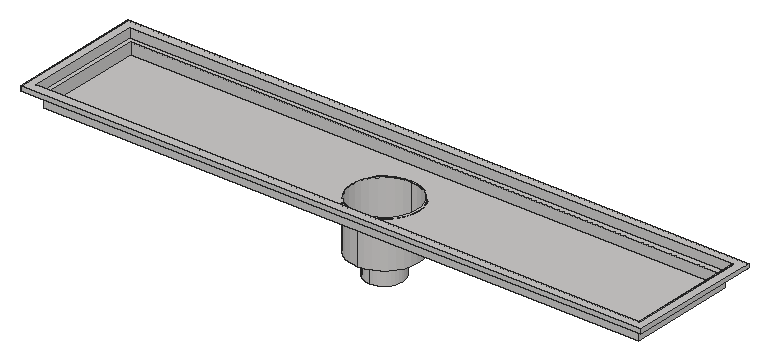
Revit family "QF_ZANUSSI_328064_FDB40185", category Attrezzature speciali, Revit 2020
Family settings
  Quota connettore circolare = Usa diametro
  Tipo di parte = Normale
  Basato su piano di lavoro = No
  Sempre verticale = Sì
  Taglio con vuoti quando caricato = No
  Condiviso = No
  Punto di calcolo locali = No
Parameters (values of type "Standard")
  Weight = 66.1387 lbm
  Watts = 0 W
  Volts = 0 V
  URL Manufacturer = "http://www.zanussiprofessional.com"
  URL = "http://www.zanussiprofessional.com"
  Steam Supply Size = 0"
  Steam Supply Minimum Pressure = 0.00 psi
  Steam Supply Maximum Pressure = 0.00 psi
  Steam Consumption per Hour = 0
  Refrigeration Suction Line Size = 0 mm
  Refrigeration Liquid Line Size = 0 mm
  Refrigerant Compressor Remote = yes
  Prospetto di default = 0 mm
  Phase = 0
  Modello = "FDB40185"
  Produttore = "Zanussi"
  Length Actual = 1850 mm  # constant formula
  Item Number = "328064"
  Hot Water Size = 0"
  Height Actual = 265 mm  # constant formula
  HP = "0 HP"
  Gas Size = 0"
  Gas KW = 0
  Gas Input Pressure = 0.0 Btu/h
  Direct Waste Size = 3.93701"
  Descrizione = "FLR.DRAIN+GRATE+C.SIPH-VERT.OUT.400X1850"
  Depth Actual = 400 mm  # constant formula
  Cycle = 0 Hz
  Condensate Return Size = 0"
  Compressed Air Volume = 0 GPM
  Compressed Air Size = 0"
  Compressed Air Pressure = 0.00 psi
  Cold Water Size = 0"
  Assembly Code = ""
  Accessory = yes
Reference planes
  plane 1: z = 0
  plane 2 "Center (Front/Back)": y = -102.225
  plane 3 "Center (Left/Right)": x = 9.791
  plane 4 "TOP": z = -265
  plane 5 "Back": y = 97.775
  plane 6 "Front": y = -302.225
  plane 7: x = -140.209
  plane 8: x = 159.791
  plane 9 "Right": x = 934.791
  plane 10 "Left": x = -915.209
  plane 11: x = 909.791
Forms (mm)
  Revolve 1, solid, material "QF_Metal-Stainless-Polished"
    sketch origin (9.791, 0, 0) x (0, 1, 0) y (0, 0, 1)
      loop
        line (-2.225, -62) -> (0.775, -62) -> (0.775, -60) -> (-4.225, -60) -> (-4.225, -198) -> (-49.225, -198) -> (-49.225, -265) -> (-47.225, -265) -> (-47.225, -200) -> (-2.225, -200) -> (-2.225, -62)
      axis (-102.225, -265) -> (-102.225, -60)
    angle from 0 to 360
  Sweep 2, solid, material "QF_Finishes_Stainless Steel"
    path origin (0, 0, 0) x (1, 0, 0) y (0, 1, 0)
      loop
        line (-915.209, 97.775) -> (-915.209, -302.225) -> (934.791, -302.225) -> (934.791, 97.775) -> (-915.209, 97.775)
    profile origin (9.791, 97.775, 0) x (0, 1, 0) y (0, 0, 1)
      loop
        line (0, -11.945) -> (0, 1) -> (-26, 1) -> (-26, -25) -> (-40, -25) -> (-40, -59) -> (-50, -59) -> (-50, -60) -> (-39, -60) -> (-39, -26) -> (-25, -26) -> (-25, 0.055) -> (-1, 0.055) -> (-1, -11.945) -> (0, -11.945)
  Extrusion 3, solid, material "QF_Finishes_Stainless Steel"
    sketch origin (0, 0, 0) x (1, 0, 0) y (0, 1, 0)
      loop
        line (-865.209, 47.775) -> (-865.209, -252.225) -> (884.791, -252.225) -> (884.791, 47.775) -> (-865.209, 47.775)
      loop
        circle (9.791, -102.225) r 98
    from -59 to -60
Cuts and joins
  joined: Sweep 2, Extrusion 3
Lines and regions (mm)
  symbolic lines
    curve 1: line (-915.209, 97.775, 0) -> (934.791, 97.775, 0)
    curve 2: line (-915.209, -302.225, 0) -> (-915.209, 97.775, 0)
    curve 3: line (934.791, -302.225, 0) -> (-915.209, -302.225, 0)
    curve 4: line (934.791, 97.775, 0) -> (934.791, -302.225, 0)
    curve 5: circle (9.791, -102.225, 0) r 115 normal (0, 0, 1)
    curve 18: circle (9.791, -102.225, 0) r 115 normal (0, 0, -1)
    curve 24: circle (9.791, -102.225, 0) r 53 normal (0, 0, 1)
    curve 70: line (-890.209, 72.775, 0) -> (-890.209, -277.225, 0)
    curve 71: line (909.791, 72.775, 0) -> (-890.209, 72.775, 0)
    curve 72: line (-890.209, -277.225, 0) -> (909.791, -277.225, 0)
    curve 73: line (459.791, -277.225, 0) -> (459.791, 72.775, 0)
    curve 74: line (909.791, 72.775, 0) -> (909.791, -277.225, 0)
    curve 112: line (739.791, -277.225, 0) -> (739.791, 72.775, 0)
  model lines
    curve 6: line (-100.209, 71.775, 0) -> (-100.209, -276.225, 0)
    curve 7: line (-80.209, 71.775, 0) -> (-80.209, -276.225, 0)
    curve 8: line (-60.209, 71.775, 0) -> (-60.209, -276.225, 0)
    curve 9: line (-40.209, 71.775, 0) -> (-40.209, -276.225, 0)
    curve 10: line (-20.209, 71.775, 0) -> (-20.209, -276.225, 0)
    curve 11: line (-0.209, 71.775, 0) -> (-0.209, -276.225, 0)
    curve 12: line (19.791, 71.775, 0) -> (19.791, -276.225, 0)
    curve 13: line (39.791, 71.775, 0) -> (39.791, -276.225, 0)
    curve 14: line (59.791, 71.775, 0) -> (59.791, -276.225, 0)
    curve 15: line (79.791, 71.775, 0) -> (79.791, -276.225, 0)
    curve 16: line (99.791, 71.775, 0) -> (99.791, -276.225, 0)
    curve 17: line (119.791, 71.775, 0) -> (119.791, -276.225, 0)
    curve 19: line (-890.209, -22.225, 0) -> (909.791, -22.225, 0)
    curve 20: line (-890.209, -42.225, 0) -> (909.791, -42.225, 0)
    curve 21: line (-890.209, -62.225, 0) -> (909.791, -62.225, 0)
    curve 22: line (-890.209, -102.225, 0) -> (909.791, -102.225, 0)
    curve 23: line (-890.209, -122.225, 0) -> (909.791, -122.225, 0)
    curve 25: line (-890.209, 37.775, 0) -> (909.791, 37.775, 0)
    curve 26: line (-890.209, 17.775, 0) -> (909.791, 17.775, 0)
    curve 27: line (-890.209, -2.225, 0) -> (909.791, -2.225, 0)
    curve 28: line (-890.209, -202.225, 0) -> (909.791, -202.225, 0)
    curve 29: line (-890.209, -182.225, 0) -> (909.791, -182.225, 0)
    curve 30: line (-890.209, -162.225, 0) -> (909.791, -162.225, 0)
    curve 31: line (-890.209, -142.225, 0) -> (909.791, -142.225, 0)
    curve 32: line (-890.209, -262.225, 0) -> (909.791, -262.225, 0)
    curve 33: line (-890.209, -242.225, 0) -> (909.791, -242.225, 0)
    curve 34: line (-890.209, -222.225, 0) -> (909.791, -222.225, 0)
    curve 35: line (-890.209, 57.775, 0) -> (909.791, 57.775, 0)
    curve 36: line (139.791, 71.775, 0) -> (139.791, -276.225, 0)
    curve 37: line (159.791, 71.775, 0) -> (159.791, -276.225, 0)
    curve 38: line (179.791, 71.775, 0) -> (179.791, -276.225, 0)
    curve 39: line (199.791, 71.775, 0) -> (199.791, -276.225, 0)
    curve 40: line (219.791, 71.775, 0) -> (219.791, -276.225, 0)
    curve 41: line (239.791, 71.775, 0) -> (239.791, -276.225, 0)
    curve 42: line (259.791, 71.775, 0) -> (259.791, -276.225, 0)
    curve 43: line (279.791, 71.775, 0) -> (279.791, -276.225, 0)
    curve 44: line (299.791, 71.775, 0) -> (299.791, -276.225, 0)
    curve 45: line (319.791, 71.775, 0) -> (319.791, -276.225, 0)
    curve 46: line (339.791, 71.775, 0) -> (339.791, -276.225, 0)
    curve 47: line (359.791, 71.775, 0) -> (359.791, -276.225, 0)
    curve 48: line (379.791, 71.775, 0) -> (379.791, -276.225, 0)
    curve 49: line (399.791, 71.775, 0) -> (399.791, -276.225, 0)
    curve 50: line (419.791, 71.775, 0) -> (419.791, -276.225, 0)
    curve 51: line (439.791, 71.775, 0) -> (439.791, -276.225, 0)
    curve 52: line (459.791, 72.775, 0) -> (459.791, -277.225, 0)
    curve 53: line (-890.209, -82.225, 0) -> (909.791, -82.225, 0)
    curve 54: line (-360.209, 71.775, 0) -> (-360.209, -276.225, 0)
    curve 55: line (-340.209, 71.775, 0) -> (-340.209, -276.225, 0)
    curve 56: line (-320.209, 71.775, 0) -> (-320.209, -276.225, 0)
    curve 57: line (-300.209, 71.775, 0) -> (-300.209, -276.225, 0)
    curve 58: line (-280.209, 71.775, 0) -> (-280.209, -276.225, 0)
    curve 59: line (-260.209, 71.775, 0) -> (-260.209, -276.225, 0)
    curve 60: line (-240.209, 71.775, 0) -> (-240.209, -276.225, 0)
    curve 61: line (-220.209, 71.775, 0) -> (-220.209, -276.225, 0)
    curve 62: line (-200.209, 71.775, 0) -> (-200.209, -276.225, 0)
    curve 63: line (-180.209, 71.775, 0) -> (-180.209, -276.225, 0)
    curve 64: line (-160.209, 71.775, 0) -> (-160.209, -276.225, 0)
    curve 65: line (-140.209, 71.775, 0) -> (-140.209, -276.225, 0)
    curve 66: line (-120.209, 71.775, 0) -> (-120.209, -276.225, 0)
    curve 67: line (-420.209, 71.775, 0) -> (-420.209, -276.225, 0)
    curve 68: line (-400.209, 71.775, 0) -> (-400.209, -276.225, 0)
    curve 69: line (-380.209, 71.775, 0) -> (-380.209, -276.225, 0)
    curve 75: line (-640.209, 71.775, 0) -> (-640.209, -276.225, 0)
    curve 76: line (-620.209, 71.775, 0) -> (-620.209, -276.225, 0)
    curve 77: line (-600.209, 71.775, 0) -> (-600.209, -276.225, 0)
    curve 78: line (-580.209, 71.775, 0) -> (-580.209, -276.225, 0)
    curve 79: line (-560.209, 71.775, 0) -> (-560.209, -276.225, 0)
    curve 80: line (-540.209, 71.775, 0) -> (-540.209, -276.225, 0)
    curve 81: line (-520.209, 71.775, 0) -> (-520.209, -276.225, 0)
    curve 82: line (-500.209, 71.775, 0) -> (-500.209, -276.225, 0)
    curve 83: line (-480.209, 71.775, 0) -> (-480.209, -276.225, 0)
    curve 84: line (-460.209, 71.775, 0) -> (-460.209, -276.225, 0)
    curve 85: line (-440.209, 71.775, 0) -> (-440.209, -276.225, 0)
    curve 86: line (-700.209, 71.775, 0) -> (-700.209, -276.225, 0)
    curve 87: line (-680.209, 71.775, 0) -> (-680.209, -276.225, 0)
    curve 88: line (-660.209, 71.775, 0) -> (-660.209, -276.225, 0)
    curve 89: line (-880.209, 71.775, 0) -> (-880.209, -276.225, 0)
    curve 90: line (-860.209, 71.775, 0) -> (-860.209, -276.225, 0)
    curve 91: line (-840.209, 71.775, 0) -> (-840.209, -276.225, 0)
    curve 92: line (-820.209, 71.775, 0) -> (-820.209, -276.225, 0)
    curve 93: line (-800.209, 71.775, 0) -> (-800.209, -276.225, 0)
    curve 94: line (-780.209, 71.775, 0) -> (-780.209, -276.225, 0)
    curve 95: line (-760.209, 71.775, 0) -> (-760.209, -276.225, 0)
    curve 96: line (-740.209, 71.775, 0) -> (-740.209, -276.225, 0)
    curve 97: line (-720.209, 71.775, 0) -> (-720.209, -276.225, 0)
    curve 98: line (479.791, 71.775, 0) -> (479.791, -276.225, 0)
    curve 99: line (499.791, 71.775, 0) -> (499.791, -276.225, 0)
    curve 100: line (519.791, 71.775, 0) -> (519.791, -276.225, 0)
    curve 101: line (539.791, 71.775, 0) -> (539.791, -276.225, 0)
    curve 102: line (559.791, 71.775, 0) -> (559.791, -276.225, 0)
    curve 103: line (579.791, 71.775, 0) -> (579.791, -276.225, 0)
    curve 104: line (599.791, 71.775, 0) -> (599.791, -276.225, 0)
    curve 105: line (619.791, 71.775, 0) -> (619.791, -276.225, 0)
    curve 106: line (639.791, 71.775, 0) -> (639.791, -276.225, 0)
    curve 107: line (659.791, 71.775, 0) -> (659.791, -276.225, 0)
    curve 108: line (679.791, 71.775, 0) -> (679.791, -276.225, 0)
    curve 109: line (699.791, 71.775, 0) -> (699.791, -276.225, 0)
    curve 110: line (719.791, 71.775, 0) -> (719.791, -276.225, 0)
    curve 111: line (739.791, 72.775, 0) -> (739.791, -277.225, 0)
    curve 113: line (759.791, 71.775, 0) -> (759.791, -276.225, 0)
    curve 114: line (779.791, 71.775, 0) -> (779.791, -276.225, 0)
    curve 115: line (799.791, 71.775, 0) -> (799.791, -276.225, 0)
    curve 116: line (819.791, 71.775, 0) -> (819.791, -276.225, 0)
    curve 117: line (839.791, 71.775, 0) -> (839.791, -276.225, 0)
    curve 118: line (859.791, 71.775, 0) -> (859.791, -276.225, 0)
    curve 119: line (879.791, 71.775, 0) -> (879.791, -276.225, 0)
    curve 120: line (899.791, 71.775, 0) -> (899.791, -276.225, 0)
Dimensions and locks
  equal spacing: plane 8, plane 3 "Center (Left/Right)", plane 7
  level to plane 4 "TOP" = 265 mm
  locked: Revolve 1 sketch curve to Revolve 1 sketch curve at 100
  locked: Revolve 1 sketch curve to Revolve 1 sketch curve at 55
  locked: plane 8 to plane 7 at 300
  equal spacing: plane 6 "Front", plane 2 "Center (Front/Back)", plane 5 "Back"
  locked: plane 6 "Front" to plane 5 "Back" at 400
  equal spacing: plane 10 "Left", plane 3 "Center (Left/Right)", plane 9 "Right"
  locked: plane 10 "Left" to plane 9 "Right" at 1850
  locked: plane 11 to plane 9 "Right" at 25
  aligned and locked: level to plane 1
  aligned and locked: Sweep 2 sketch curve to plane 9 "Right"
  aligned and locked: curve 4 to plane 9 "Right"
  aligned and locked: plane 10 "Left" to Sweep 2 sketch curve
  aligned and locked: plane 10 "Left" to curve 2
  aligned and locked: plane 11 to curve 25
Automatic sketch dimensions
  plane 6 "Front" to Sweep 2 sketch curve = 0 mm
  plane 5 "Back" to Sweep 2 sketch curve = 0 mm
  level to Sweep 2 sketch curve = 1 mm
  Sweep 2 sketch curve to profile plane = 0 mm
  profile plane to Sweep 2 sketch curve = 1 mm
  profile plane to Sweep 2 sketch curve = 25 mm
  Sweep 2 sketch curve to Sweep 2 sketch curve = 1 mm  (x4)
  Sweep 2 sketch curve to Sweep 2 sketch curve = 14 mm
  level to Sweep 2 sketch curve = 0.055 mm
  Sweep 2 sketch curve to Sweep 2 sketch curve = 12 mm
  Sweep 2 sketch curve to level = 25 mm
  Sweep 2 sketch curve to Sweep 2 sketch curve = 33 mm
  Sweep 2 sketch curve to Sweep 2 sketch curve = 10 mm
  Extrusion 3 sketch curve to plane 2 "Center (Front/Back)" = 0 mm
  Extrusion 3 sketch curve to plane 3 "Center (Left/Right)" = 0 mm
  Extrusion 3 sketch curve to plane 9 "Right" = 50 mm
  Extrusion 3 sketch curve to plane 6 "Front" = 50 mm
  plane 5 "Back" to Extrusion 3 sketch curve = 50 mm
  plane 10 "Left" to Extrusion 3 sketch curve = 50 mm
  Revolve 1 sketch curve to plane 2 "Center (Front/Back)" = 0 mm
  Revolve 1 sketch curve to plane 4 "TOP" = 0 mm
  Revolve 1 sketch curve to Revolve 1 sketch curve = 2 mm  (x4)
  Revolve 1 sketch curve to Revolve 1 sketch curve = 3 mm
  plane 4 "TOP" to Revolve 1 sketch curve = 65 mm
  Revolve 1 sketch curve to level = 60 mm
  Revolve 1 sketch curve to plane 4 "TOP" = 344.6 mm
  level to Revolve 1 sketch curve = 2466.13 mm
  curve 5 to curve 18 = 0 mm  (x2)
  curve 5 to curve 24 = 0 mm  (x2)
  curve 22 to plane 2 "Center (Front/Back)" = 0 mm
  curve 65 to plane 7 = 0 mm
  curve 5 to plane 2 "Center (Front/Back)" = 0 mm
  curve 5 to plane 3 "Center (Left/Right)" = 0 mm
  curve 37 to plane 8 = 0 mm
  plane 6 "Front" to curve 3 = 0 mm
  plane 5 "Back" to curve 2 = 0 mm
  plane 10 "Left" to curve 70 = 25 mm
  curve 73 to plane 6 "Front" = 25 mm
  plane 8 to curve 73 = 300 mm
  curve 72 to plane 6 "Front" = 25 mm
  plane 5 "Back" to curve 74 = 25 mm
  plane 5 "Back" to curve 73 = 25 mm
  curve 70 to curve 89 = 10 mm
  curve 89 to curve 90 = 20 mm
  curve 90 to curve 91 = 20 mm
  curve 91 to curve 92 = 20 mm
  curve 92 to curve 93 = 20 mm
  curve 93 to curve 94 = 20 mm
  curve 94 to curve 95 = 20 mm
  curve 95 to curve 96 = 20 mm
  curve 96 to curve 97 = 20 mm
  curve 97 to curve 86 = 20 mm
  curve 86 to curve 87 = 20 mm
  curve 87 to curve 88 = 20 mm
  curve 88 to curve 75 = 20 mm
  curve 75 to curve 76 = 20 mm
  curve 76 to curve 77 = 20 mm
  curve 77 to curve 78 = 20 mm
  curve 78 to curve 79 = 20 mm
  curve 79 to curve 80 = 20 mm
  curve 80 to curve 81 = 20 mm
  curve 81 to curve 82 = 20 mm
  curve 82 to curve 83 = 20 mm
  curve 83 to curve 84 = 20 mm
  curve 84 to curve 85 = 20 mm
  curve 85 to curve 67 = 20 mm
  curve 67 to curve 68 = 20 mm
  curve 68 to curve 69 = 20 mm
  curve 69 to curve 54 = 20 mm
  curve 54 to curve 55 = 20 mm
  curve 55 to curve 56 = 20 mm
  curve 56 to curve 57 = 20 mm
  curve 57 to curve 58 = 20 mm
  curve 58 to curve 59 = 20 mm
  curve 59 to curve 60 = 20 mm
  curve 60 to curve 61 = 20 mm
  curve 61 to curve 62 = 20 mm
  curve 62 to curve 63 = 20 mm
  curve 64 to plane 7 = 20 mm
  curve 65 to curve 66 = 20 mm
  curve 66 to curve 6 = 20 mm
  curve 6 to curve 7 = 20 mm
  curve 7 to curve 8 = 20 mm
  curve 8 to curve 9 = 20 mm
  curve 9 to curve 10 = 20 mm
  curve 11 to plane 3 "Center (Left/Right)" = 10 mm
  plane 3 "Center (Left/Right)" to curve 12 = 10 mm
  curve 12 to curve 13 = 20 mm
  curve 13 to curve 14 = 20 mm
  curve 14 to curve 15 = 20 mm
  curve 15 to curve 16 = 20 mm
  curve 16 to curve 17 = 20 mm
  curve 17 to curve 36 = 20 mm
  plane 8 to curve 38 = 20 mm
  curve 38 to curve 39 = 20 mm
  curve 39 to curve 40 = 20 mm
  curve 40 to curve 41 = 20 mm
  curve 41 to curve 42 = 20 mm
  curve 42 to curve 43 = 20 mm
  curve 43 to curve 44 = 20 mm
  curve 44 to curve 45 = 20 mm
  curve 45 to curve 46 = 20 mm
  curve 46 to curve 47 = 20 mm
  curve 47 to curve 48 = 20 mm
  curve 48 to curve 49 = 20 mm
  curve 49 to curve 50 = 20 mm
  curve 50 to curve 51 = 20 mm
  curve 52 to curve 98 = 20 mm
  curve 98 to curve 99 = 20 mm
  curve 99 to curve 100 = 20 mm
  curve 100 to curve 101 = 20 mm
  curve 101 to curve 102 = 20 mm
  curve 102 to curve 103 = 20 mm
  curve 103 to curve 104 = 20 mm
  curve 104 to curve 105 = 20 mm
  curve 105 to curve 106 = 20 mm
  curve 106 to curve 107 = 20 mm
  curve 107 to curve 108 = 20 mm
  curve 108 to curve 109 = 20 mm
  curve 109 to curve 110 = 20 mm
  curve 110 to curve 111 = 20 mm
  curve 112 to curve 111 = 0 mm
  curve 111 to curve 113 = 20 mm
  curve 113 to curve 114 = 20 mm
  curve 114 to curve 115 = 20 mm
  curve 115 to curve 116 = 20 mm
  curve 116 to curve 117 = 20 mm
  curve 117 to curve 118 = 20 mm
  curve 118 to curve 119 = 20 mm
  plane 11 to curve 120 = 10 mm
  curve 8 to plane 6 "Front" = 26 mm
  curve 111 to curve 113 = 1 mm
  curve 8 to curve 9 = 0 mm  (x2)
  curve 72 to curve 120 = 1 mm
  curve 9 to curve 10 = 0 mm  (x2)
  curve 113 to curve 114 = 0 mm  (x2)
  curve 10 to curve 11 = 0 mm  (x2)
  curve 7 to curve 8 = 0 mm  (x2)
  curve 11 to curve 12 = 0 mm  (x2)
  curve 112 to curve 110 = 1 mm
  curve 12 to curve 13 = 0 mm  (x2)
  curve 109 to curve 110 = 0 mm  (x2)
  curve 13 to curve 14 = 0 mm  (x2)
  curve 108 to curve 109 = 0 mm  (x2)
  curve 14 to curve 15 = 0 mm  (x2)
  curve 107 to curve 108 = 0 mm  (x2)
  curve 15 to curve 16 = 0 mm  (x2)
  curve 106 to curve 107 = 0 mm  (x2)
  curve 16 to curve 17 = 0 mm  (x2)
  curve 105 to curve 106 = 0 mm  (x2)
  curve 104 to curve 105 = 0 mm  (x2)
  curve 103 to curve 104 = 0 mm  (x2)
  curve 102 to curve 103 = 0 mm  (x2)
  curve 114 to curve 115 = 0 mm  (x2)
  curve 100 to plane 6 "Front" = 26 mm
  curve 99 to curve 100 = 0 mm  (x2)
  curve 98 to curve 99 = 0 mm  (x2)
  curve 97 to plane 6 "Front" = 26 mm
  curve 96 to curve 97 = 0 mm
  curve 95 to curve 96 = 0 mm  (x2)
  curve 94 to curve 95 = 0 mm  (x2)
  curve 93 to curve 94 = 0 mm  (x2)
  curve 92 to curve 93 = 0 mm  (x2)
  curve 91 to curve 92 = 0 mm  (x2)
  curve 90 to curve 91 = 0 mm  (x2)
  curve 70 to curve 89 = 1 mm
  curve 88 to plane 6 "Front" = 26 mm
  curve 87 to curve 88 = 0 mm
  curve 86 to curve 87 = 0 mm  (x2)
  curve 85 to plane 6 "Front" = 26 mm
  curve 84 to curve 85 = 0 mm  (x2)
  curve 83 to curve 84 = 0 mm  (x2)
  curve 82 to curve 83 = 0 mm  (x2)
  curve 81 to curve 82 = 0 mm
  curve 80 to curve 81 = 0 mm  (x2)
  curve 79 to curve 80 = 0 mm  (x2)
  curve 78 to curve 79 = 0 mm  (x2)
  curve 77 to curve 78 = 0 mm  (x2)
  curve 76 to curve 77 = 0 mm  (x2)
  curve 75 to curve 76 = 0 mm  (x2)
  curve 6 to curve 7 = 0 mm  (x2)
  curve 115 to curve 116 = 0 mm  (x2)
  curve 116 to curve 117 = 0 mm  (x2)
  curve 17 to curve 36 = 0 mm  (x2)
  curve 117 to curve 118 = 0 mm  (x2)
  curve 36 to curve 37 = 0 mm  (x2)
  curve 37 to curve 38 = 0 mm  (x2)
  curve 100 to curve 101 = 0 mm  (x2)
  curve 38 to curve 39 = 0 mm  (x2)
  curve 39 to curve 40 = 0 mm
  curve 69 to plane 6 "Front" = 26 mm
  curve 40 to curve 41 = 0 mm  (x2)
  curve 68 to curve 69 = 0 mm  (x2)
  curve 41 to curve 42 = 0 mm  (x2)
  curve 67 to curve 68 = 0 mm  (x2)
  curve 42 to curve 43 = 0 mm  (x2)
  curve 66 to curve 6 = 0 mm
  curve 43 to curve 44 = 0 mm  (x2)
  curve 65 to curve 66 = 0 mm
  curve 44 to curve 45 = 0 mm
  curve 64 to curve 65 = 0 mm  (x2)
  curve 45 to curve 46 = 0 mm  (x2)
  curve 63 to curve 64 = 0 mm  (x2)
  curve 46 to curve 47 = 0 mm  (x2)
  curve 62 to curve 63 = 0 mm  (x2)
  curve 47 to curve 48 = 0 mm  (x2)
  curve 61 to curve 62 = 0 mm
  curve 48 to curve 49 = 0 mm  (x2)
  curve 118 to curve 119 = 0 mm  (x2)
  curve 49 to curve 50 = 0 mm  (x2)
  curve 60 to curve 61 = 0 mm  (x2)
  curve 50 to curve 51 = 0 mm  (x2)
  curve 59 to curve 60 = 0 mm  (x2)
  curve 58 to curve 59 = 0 mm  (x2)
  curve 57 to curve 58 = 0 mm  (x2)
  curve 69 to curve 54 = 0 mm  (x2)
  curve 56 to curve 57 = 0 mm
  curve 54 to curve 55 = 0 mm  (x2)
  curve 72 to curve 32 = 15 mm
  curve 32 to curve 33 = 20 mm
  curve 33 to curve 34 = 20 mm
  curve 34 to curve 28 = 20 mm
  curve 28 to curve 29 = 20 mm
  curve 29 to curve 30 = 20 mm
  curve 30 to curve 31 = 20 mm
  curve 23 to curve 22 = 20 mm
  plane 2 "Center (Front/Back)" to curve 53 = 20 mm
  curve 53 to curve 21 = 20 mm
  curve 21 to curve 20 = 20 mm
  curve 20 to curve 19 = 20 mm
  curve 19 to curve 27 = 20 mm
  curve 27 to curve 26 = 20 mm
  curve 26 to curve 25 = 20 mm
  curve 35 to curve 70 = 15 mm
  plane 5 "Back" to curve 66 = 26 mm
  plane 5 "Back" to curve 75 = 26 mm
  plane 5 "Back" to curve 45 = 26 mm
  plane 5 "Back" to curve 64 = 26 mm
  plane 5 "Back" to curve 82 = 26 mm
  plane 5 "Back" to curve 40 = 26 mm
  plane 5 "Back" to curve 60 = 26 mm
  plane 5 "Back" to curve 86 = 26 mm
  curve 88 to curve 75 = 0 mm
  plane 5 "Back" to curve 36 = 26 mm
  curve 89 to curve 70 = 1 mm
  curve 89 to curve 90 = 0 mm
  plane 5 "Back" to curve 69 = 26 mm
  curve 97 to curve 86 = 0 mm
  curve 98 to curve 52 = 1 mm
  curve 101 to curve 102 = 0 mm
  curve 113 to curve 111 = 1 mm
  curve 55 to curve 56 = 0 mm
  curve 120 to curve 71 = 1 mm
  radius of Extrusion 3 sketch curve = 98 mm
  radius of curve 5 = 115 mm
  radius of curve 18 = 115 mm
  radius of curve 24 = 53 mm
Connectors
  piping at (9.791, -102.225, -265), diameter 100, driven by "Direct Waste Size"
    settings: on Revolve 1, index 1, connector inside diameter 24", connector length 0 mm, flow factor 0, pipe flow 0 GPM, pressure drop 0.00 psi, fitting loss kfactor 0, connector angle 0.00°, fixture units 0, engagement length 0 mm, angle of deflection 0.00°, flow configuration 1, flow direction 2, fitting loss method 0, system type 16, joint type 0, gender type 0, connector reference index -1, connector utility 0, adjustable connector no, is connector primary yes, connector description "Drain"
